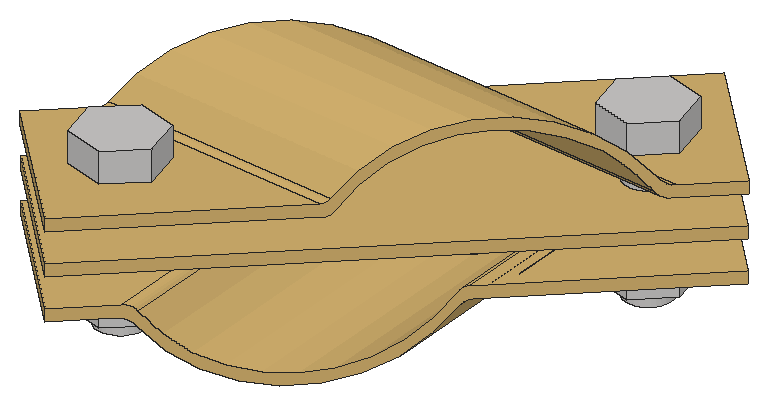
Revit family "DF_Крестовина_ЗажимДиагональный_Стержень_Стержень_EZETEK", category Соединительные детали воздуховодов, Revit 2017
Family settings
  Размер круглого соединителя = Использовать радиус
  Тип детали = Крестовина
  На основе рабочей плоскости = Нет
  Всегда вертикально = Да
  При загрузке вырезать с полостями = Нет
  Общий = Нет
Parameters (values of type "ЗажимДиагональный_Стержень-Стержень_Латунь_90531-1")
  Угол = 90.00°  # constant formula
  Тип = FA_ЗажимДиагональный_Стержень_Стержень_EZETEK : ЗажимДиагональный_Стержень-Стержень_Латунь_90531-1
  Смещение_Коннекторы [instance] = if(Графика_Сместить_ПоВертикали, 9.5 mm, 0 mm)  # 0 mm
  Описание = "Зажим используется для соединения стержня заземления со стержнем Т-образным способом. Он стягивается при помощи двух шестигранных болтов с гайками из нержавеющей стали с резьбой М8. Наличие разделительной пластины позволяет соединять при помощи зажима из латуни электрохимически слабосовместимые металлы."  # constant formula
  Группа модели = "Зажимы заземления"  # constant formula
  Графика_Сместить_ПоДлине [instance] = yes
  Графика_Сместить_ПоВертикали [instance] = no
  Производитель_Контакты = "ezetek@ezetek.ru"  # constant formula
  built-in parameter 1114242 [instance] = 1 = 0  # (empty or 0)
  Изготовитель = "Ezetek"  # constant formula
  URL = "https://ezetek.ru/"
  ADSK_Этаж [instance] = ""
  ADSK_Размер_Радиус [instance] = 10 mm
  ADSK_Примечание [instance] = "Неспецифицируемое"  # constant formula
  ADSK_Позиция [instance] = "Неспецифицируемое"  # constant formula
  ADSK_Обозначение = "Неспецифицируемое"  # constant formula
  ADSK_Наименование краткое [instance] = "Неспецифицируемое"  # constant formula
  ADSK_Наименование = "Неспецифицируемое"  # constant formula
  ADSK_Материал = BIMLIB_Латунь_EZETEK
  ADSK_Масса_Текст = "Неспецифицируемое"  # constant formula
  ADSK_Масса = 0.173  # constant formula
  ADSK_Марка = "Неспецифицируемое"  # constant formula
  ADSK_Количество = 0  # constant formula
  ADSK_Код изделия = "Неспецифицируемое"  # constant formula
  ADSK_Завод-изготовитель = "Неспецифицируемое"  # constant formula
  ADSK_Единица измерения = "Неспецифицируемое"  # constant formula
  ADSK_Группирование [instance] = ""
  ADSK_Версия Revit = "2017"  # constant formula
Types (2, lengths in mm): name | Тип | ADSK_Материал
  ЗажимДиагональный_Стержень-Стержень_Латунь_90531-1 | FA_ЗажимДиагональный_Стержень_Стержень_EZETEK : ЗажимДиагональный_Стержень-Стержень_Латунь_90531-1 | BIMLIB_Латунь_EZETEK
  ЗажимДиагональный_Стержень-Стержень_СтальОцинкованная_62825 | FA_ЗажимДиагональный_Стержень_Стержень_EZETEK : ЗажимДиагональный_Стержень-Стержень_СтальОцинкованная_62825 | BIMLIB_Сталь_Оцинкованная_EZETEK
Reference planes
  plane 1 "По центру (Вперед/Назад)": y = 0
  plane 2: z = 0
  plane 3 "По центру (Влево/Вправо)": x = 0
  plane 4 "1": through (13.5, -15, 1200) normal (-0.7433, -0.669, 0)
  plane 5 "M": y = 0
  plane 6 "U": z = 0
  plane 7 "L": z = 0
  plane 8: z = -9.5
  plane 9: x = 0
Lines and regions (mm)
  reference lines
    curve 1: line (-1, 0, 0) -> (1, 0, 0)
    curve 2: line (0, -1, 0) -> (0, 1, 0)
Dimensions and locks
  equal spacing: curve 1, plane 9, curve 1
  locked: curve 1 to curve 1 at 2
  equal spacing: curve 2, plane 5 "M", curve 2
  locked: curve 2 to curve 2 at 2
  "Смещение_Коннекторы": plane 6 "U" to plane 2 to plane 7 "L"
  aligned and locked: level to plane 2
  aligned and locked: plane 5 "M" to curve 1
  aligned and locked: curve 2 to plane 9
  aligned and locked: curve 1 to plane 6 "U"
Nested families
  nested 1: "FA_ЗажимДиагональный_Стержень_Стержень_EZETEK" at (0, 0, 0) x (0.7071, 0.7071, 0) z (0, 0, 1), type <- "Тип", ADSK_Этаж <- "ADSK_Этаж", ADSK_Группирование <- "ADSK_Группирование", type "ЗажимДиагональный_Стержень-Стержень_Латунь_90531-1", detail levels fine
    with Сместить стержни no, Использовать масштаб аннотаций 0, ADSK_Этаж "", ADSK_Примечание "", ADSK_Позиция "", ADSK_Наименование краткое "Зажим заземления", ADSK_Группирование ""
Connectors
  hvac at (-1, 0, 0), driven by "ADSK_Размер_Радиус"
    settings: on curve 1, index 1, duct flow 0.0 L/s, flow factor 0, pres drop 0.0 Pa, loss coef 0, conn angle 0.00°, conn width 304.8 mm, conn height 304.8 mm, conn diameter 20 mm, duct sys type 28, conn prof type 0, flow config 0, flow direction 0, loss method 0, conn ref index 2, conn util no, is conn primary yes, conn desc ""
  hvac at (1, 0, 0), driven by "ADSK_Размер_Радиус"
    settings: on curve 1, index 2, duct flow 0.0 L/s, flow factor 0, pres drop 0.0 Pa, loss coef 0, conn angle 0.00°, conn width 304.8 mm, conn height 304.8 mm, conn diameter 20 mm, duct sys type 28, conn prof type 0, flow config 0, flow direction 0, loss method 0, conn ref index 1, conn util no, is conn primary no, conn desc ""
  hvac at (0, -1, 0), driven by "ADSK_Размер_Радиус", driven by "Угол"
    settings: on curve 2, index 3, duct flow 0.0 L/s, flow factor 0, pres drop 0.0 Pa, loss coef 0, conn angle 90.00°, conn width 304.8 mm, conn height 304.8 mm, conn diameter 20 mm, duct sys type 28, conn prof type 0, flow config 0, flow direction 0, loss method 0, conn ref index 4, conn util no, is conn primary no, conn desc ""
  hvac at (0, 1, 0), driven by "ADSK_Размер_Радиус", driven by "Угол"
    settings: on curve 2, index 4, duct flow 0.0 L/s, flow factor 0, pres drop 0.0 Pa, loss coef 0, conn angle 90.00°, conn width 304.8 mm, conn height 304.8 mm, conn diameter 20 mm, duct sys type 28, conn prof type 0, flow config 0, flow direction 0, loss method 0, conn ref index 3, conn util no, is conn primary no, conn desc ""
Definition of nested family "FA_ЗажимДиагональный_Стержень_Стержень_EZETEK"
  Parameters (values of type "ЗажимДиагональный_Стержень-Стержень_СтальОцинкованная")
    Угол = 90.00°  # constant formula
    Сместить стержни [instance] = yes
    Производитель_Контакты = "ezetek@ezetek.ru"  # constant formula
    Использовать масштаб аннотаций [instance] = 1 = 0  # 0
    Manufacturer = "Ezetek"  # constant formula
    Model = "Зажимы заземления"  # constant formula
    URL = "https://ezetek.ru/"
    ADSK_Этаж [instance] = ""
    ADSK_Примечание [instance] = ""
    ADSK_Позиция [instance] = ""
    ADSK_Обозначение = "62825"
    ADSK_Наименование краткое [instance] = "Зажим заземления"
    ADSK_Наименование = "Зажим заземления стержень — стержень диагональный, оцинк."
    ADSK_Материал = none
    ADSK_Масса_Текст = "0.173"  # constant formula
    ADSK_Масса = 0.173  # constant formula
    ADSK_Марка = "62825"
    ADSK_Количество = 1  # constant formula
    ADSK_Код изделия = "62825"
    ADSK_Завод-изготовитель = "Ezetek"  # constant formula
    ADSK_Единица измерения = "шт."  # constant formula
    ADSK_Группирование [instance] = ""
    ADSK_Версия Revit = "2017"  # constant formula
  Types (2, lengths in mm): name | Сместить стержни | ADSK_Обозначение | ADSK_Наименование | ADSK_Марка | ADSK_Код изделия
    ЗажимДиагональный_Стержень-Стержень_Латунь | no | "90531-1" | "Зажим заземления стержень — стержень диагональный, латунь" | "90531-1" | "90531-1"
    ЗажимДиагональный_Стержень-Стержень_СтальОцинкованная | yes | "62825" | "Зажим заземления стержень — стержень диагональный, оцинк." | "62825" | "62825"
  Reference planes
    plane 1 "По центру (Вперед/Назад)": y = 0
    plane 2: z = 0
    plane 3 "По центру (Влево/Вправо)": x = 0
    plane 4: z = 1
    plane 5: z = -1
    plane 6: z = 8
    plane 7 "Up": z = 6
    plane 8: z = -6
    plane 9: z = -8
    plane 10: z = 13
    plane 11: z = -14.4
    plane 12: z = -17.11
    plane 13 "1": through (13.5, -15, 1200) normal (-0.7433, -0.669, 0)
    plane 14: z = 7
    plane 15: z = -7
    plane 16: z = 18.1
    plane 17: z = 20
    plane 18 "M": y = 0
    plane 19 "U": z = 9.5
    plane 20 "L": z = -9.5
    plane 21: z = -9.5
    plane 22: x = 0
    plane 23: z = -18.1
    plane 24: z = -20
  Forms (mm)
    Extrusion 1, solid, material <- "ADSK_Материал", detail levels fine
      sketch origin (0, 0, 0) x (1, 0, 0) y (0, 1, 0)
        loop
          line (-48, 15) -> (-48, -15) -> (48, -15) -> (48, 15) -> (-48, 15)
      from 1 to -1
    Extrusion 2, solid, detail levels fine
      sketch origin (0, 0, 0) x (1, 0, 0) y (0, 1, 0)
        loop
          line (-39.603, 6.24) -> (-43.205, 0) -> (-39.603, -6.24) -> (-32.397, -6.24) -> (-28.795, 0) -> (-32.397, 6.24) -> (-39.603, 6.24)
      from 13 to 8
    Extrusion 3, solid, detail levels fine
      sketch origin (72, 0, 0) x (1, 0, 0) y (0, 1, 0)
        loop
          line (-39.603, 6.24) -> (-43.205, 0) -> (-39.603, -6.24) -> (-32.397, -6.24) -> (-28.795, 0) -> (-32.397, 6.24) -> (-39.603, 6.24)
      from 13 to 8
    Extrusion 4, solid, detail levels fine
      sketch origin (0, 0, 0) x (1, 0, 0) y (0, 1, 0)
        loop
          line (-39.603, 6.24) -> (-43.205, 0) -> (-39.603, -6.24) -> (-32.397, -6.24) -> (-28.795, 0) -> (-32.397, 6.24) -> (-39.603, 6.24)
      from -8 to -14.4
    Extrusion 5, solid, detail levels fine
      sketch origin (72, 0, 0) x (1, 0, 0) y (0, 1, 0)
        loop
          line (-39.603, 6.24) -> (-43.205, 0) -> (-39.603, -6.24) -> (-32.397, -6.24) -> (-28.795, 0) -> (-32.397, 6.24) -> (-39.603, 6.24)
      from -8 to -14.4
    Extrusion 6, solid, detail levels fine
      sketch origin (0, 0, 0) x (1, 0, 0) y (0, 1, 0)
        loop
          circle (-36, 0) r 3.9
      from 8 to -17.11
    Extrusion 7, solid, detail levels fine
      sketch origin (72, 0, 0) x (1, 0, 0) y (0, 1, 0)
        loop
          circle (-36, 0) r 3.9
      from 8 to -17.11
    Blend 8, solid, material <- "ADSK_Материал", detail levels fine
      base sketch origin (0, 0, 0) x (1, 0, 0) y (0, 0, 1)
        loop
          arc (35.238, 7.114) -> (36.208, 6.294) -> (37.443, 6) r 2.739
          line (37.443, 6) -> (48, 6) -> (48, 8) -> (38.304, 8)
          arc (38.304, 8) -> (36.721, 8.363) -> (35.454, 9.379) r 3.635
          arc (35.454, 9.379) -> (13.073, 19.997) -> (-8.974, 8.701) r 28
          arc (-8.974, 8.701) -> (-9.588, 8.185) -> (-10.369, 8) r 1.738
          line (-10.369, 8) -> (-48, 8) -> (-48, 6) -> (-10.044, 6)
          arc (-10.044, 6) -> (-9.15, 6.216) -> (-8.454, 6.817) r 1.956
          arc (-8.454, 6.817) -> (13.316, 18.099) -> (35.238, 7.114) r 27
      top sketch origin (0, 0, 0) x (1, 0, 0) y (0, 0, 1)
        loop
          arc (8.454, 9.379) -> (-13.927, 19.997) -> (-35.974, 8.701) r 28
          arc (-35.974, 8.701) -> (-36.588, 8.185) -> (-37.369, 8) r 1.738
          line (-37.369, 8) -> (-48, 8) -> (-48, 6) -> (-37.044, 6)
          arc (-37.044, 6) -> (-36.15, 6.216) -> (-35.454, 6.817) r 1.956
          arc (-35.454, 6.817) -> (-13.684, 18.099) -> (8.238, 7.114) r 27
          arc (8.238, 7.114) -> (9.208, 6.294) -> (10.443, 6) r 2.739
          line (10.443, 6) -> (48, 6) -> (48, 8) -> (11.304, 8)
          arc (11.304, 8) -> (9.721, 8.363) -> (8.454, 9.379) r 3.635
      from 15 to -15
    Blend 9, solid, material <- "ADSK_Материал", detail levels fine
      base sketch origin (0, 0, 0) x (-1, 0, 0) y (0, 0, -1)
        loop
          arc (35.238, 7.114) -> (36.208, 6.294) -> (37.443, 6) r 2.739
          line (37.443, 6) -> (48, 6) -> (48, 8) -> (38.304, 8)
          arc (38.304, 8) -> (36.721, 8.363) -> (35.454, 9.379) r 3.635
          arc (35.454, 9.379) -> (13.073, 19.997) -> (-8.974, 8.701) r 28
          arc (-8.974, 8.701) -> (-9.588, 8.185) -> (-10.369, 8) r 1.738
          line (-10.369, 8) -> (-48, 8) -> (-48, 6) -> (-10.044, 6)
          arc (-10.044, 6) -> (-9.15, 6.216) -> (-8.454, 6.817) r 1.956
          arc (-8.454, 6.817) -> (13.316, 18.099) -> (35.238, 7.114) r 27
      top sketch origin (0, 0, 0) x (-1, 0, 0) y (0, 0, -1)
        loop
          arc (8.454, 9.379) -> (-13.927, 19.997) -> (-35.974, 8.701) r 28
          arc (-35.974, 8.701) -> (-36.588, 8.185) -> (-37.369, 8) r 1.738
          line (-37.369, 8) -> (-48, 8) -> (-48, 6) -> (-37.044, 6)
          arc (-37.044, 6) -> (-36.15, 6.216) -> (-35.454, 6.817) r 1.956
          arc (-35.454, 6.817) -> (-13.684, 18.099) -> (8.238, 7.114) r 27
          arc (8.238, 7.114) -> (9.208, 6.294) -> (10.443, 6) r 2.739
          line (10.443, 6) -> (48, 6) -> (48, 8) -> (11.304, 8)
          arc (11.304, 8) -> (9.721, 8.363) -> (8.454, 9.379) r 3.635
      from 15 to -15
  Dimensions and locks
    locked: plane 2 to plane 5 at 1
    locked: plane 4 to plane 2 at 1
    plane 4 to plane 5 = 2 mm
    locked: plane 6 to plane 7 "Up" at 2
    locked: plane 8 to plane 9 at 2
    locked: plane 10 to plane 6 at 5
    locked: plane 7 "Up" to plane 4 at 5
    locked: plane 5 to plane 8 at 5
    locked: plane 9 to plane 11 at 6.4
    locked: plane 11 to plane 12 at 2.71
    equal spacing: plane 6, plane 14, plane 7 "Up"
    equal spacing: plane 8, plane 15, plane 9
    locked: plane 16 to plane 14 at 11.1
    locked: plane 17 to plane 14 at 13
    aligned and locked: level to plane 2
    aligned and locked: Extrusion 1 to plane 5
    aligned and locked: plane 4 to Extrusion 1
    aligned and locked: plane 10 to Extrusion 2
    aligned and locked: Extrusion 2 to plane 6
    aligned and locked: Extrusion 4 to plane 11
    aligned and locked: plane 9 to Extrusion 4
    aligned and locked: plane 6 to Extrusion 6
    aligned and locked: Extrusion 6 to plane 12
    aligned and locked: Blend 8 sketch curve to plane 6  (x3)
    aligned and locked: plane 7 "Up" to Blend 8 sketch curve  (x4)
  Automatic sketch dimensions
    plane 1 "По центру (Вперед/Назад)" to Extrusion 1 sketch curve = 15 mm
    Extrusion 1 sketch curve to plane 3 "По центру (Влево/Вправо)" = 48 mm
    plane 3 "По центру (Влево/Вправо)" to Extrusion 1 sketch curve = 48 mm
    Extrusion 1 sketch curve to plane 1 "По центру (Вперед/Назад)" = 15 mm
    plane 1 "По центру (Вперед/Назад)" to Extrusion 2 sketch curve = 0 mm  (x2)
    Extrusion 2 sketch curve to plane 3 "По центру (Влево/Вправо)" = 43.205 mm
    Extrusion 2 sketch curve to plane 1 "По центру (Вперед/Назад)" = 6.24 mm
    Extrusion 2 sketch curve to Extrusion 2 sketch curve = 3.603 mm  (x3)
    plane 1 "По центру (Вперед/Назад)" to Extrusion 2 sketch curve = 6.24 mm
    Extrusion 2 sketch curve to Extrusion 2 sketch curve = 7.205 mm  (x2)
    plane 1 "По центру (Вперед/Назад)" to Extrusion 3 sketch curve = 0 mm  (x2)
    plane 3 "По центру (Влево/Вправо)" to Extrusion 3 sketch curve = 28.795 mm
    Extrusion 3 sketch curve to plane 1 "По центру (Вперед/Назад)" = 6.24 mm
    Extrusion 3 sketch curve to Extrusion 3 sketch curve = 3.603 mm  (x3)
    plane 1 "По центру (Вперед/Назад)" to Extrusion 3 sketch curve = 6.24 mm
    Extrusion 3 sketch curve to Extrusion 3 sketch curve = 7.205 mm  (x2)
    plane 1 "По центру (Вперед/Назад)" to Extrusion 6 sketch curve = 0 mm
    Extrusion 6 sketch curve to plane 3 "По центру (Влево/Вправо)" = 36 mm
    plane 1 "По центру (Вперед/Назад)" to Extrusion 7 sketch curve = 0 mm
    plane 3 "По центру (Влево/Вправо)" to Extrusion 7 sketch curve = 36 mm
    plane 1 "По центру (Вперед/Назад)" to Extrusion 4 sketch curve = 0 mm  (x2)
    Extrusion 4 sketch curve to plane 3 "По центру (Влево/Вправо)" = 43.205 mm
    Extrusion 4 sketch curve to plane 1 "По центру (Вперед/Назад)" = 6.24 mm
    Extrusion 4 sketch curve to Extrusion 4 sketch curve = 3.603 mm  (x3)
    plane 1 "По центру (Вперед/Назад)" to Extrusion 4 sketch curve = 6.24 mm
    Extrusion 4 sketch curve to Extrusion 4 sketch curve = 7.205 mm  (x2)
    plane 1 "По центру (Вперед/Назад)" to Extrusion 5 sketch curve = 0 mm  (x2)
    plane 3 "По центру (Влево/Вправо)" to Extrusion 5 sketch curve = 28.795 mm
    Extrusion 5 sketch curve to plane 1 "По центру (Вперед/Назад)" = 6.24 mm
    Extrusion 5 sketch curve to Extrusion 5 sketch curve = 3.603 mm  (x3)
    plane 1 "По центру (Вперед/Назад)" to Extrusion 5 sketch curve = 6.24 mm
    Extrusion 5 sketch curve to Extrusion 5 sketch curve = 7.205 mm  (x2)
    Blend 8 sketch curve to plane 6 = 0 mm
    Blend 8 sketch curve to plane 9 = 0 mm  (x2)
    Blend 8 sketch curve to plane 3 "По центру (Влево/Вправо)" = 48 mm  (x2)
    Blend 8 sketch curve to plane 3 "По центру (Влево/Вправо)" = 10.369 mm
    Blend 8 sketch curve to Blend 8 sketch curve = 0.324 mm  (x2)
    plane 3 "По центру (Влево/Вправо)" to Blend 8 sketch curve = 13.5 mm
    Blend 8 sketch curve to Blend 8 sketch curve = 0 mm  (x6)
    Blend 8 sketch curve to Blend 8 sketch curve = 23.943 mm
    Blend 8 sketch curve to plane 10 = 1.365 mm  (x2)
    Blend 8 sketch curve to Blend 8 sketch curve = 0.861 mm  (x2)
    Blend 8 sketch curve to Blend 8 sketch curve = 9.696 mm
    plane 20 "L" to Blend 8 sketch curve = 0.6 mm  (x2)
    Blend 8 sketch curve to plane 6 = 0.044 mm  (x2)
    plane 6 to Blend 8 sketch curve = 0.739 mm  (x2)
    plane 19 "U" to Blend 8 sketch curve = 0.238 mm  (x2)
    Blend 8 sketch curve to Blend 8 sketch curve = 10.631 mm
    Blend 8 sketch curve to plane 3 "По центру (Влево/Вправо)" = 13.5 mm
    plane 3 "По центру (Влево/Вправо)" to Blend 8 sketch curve = 10.443 mm
    Blend 8 sketch curve to Blend 8 sketch curve = 36.696 mm
    Blend 9 sketch curve to plane 8 = 0 mm  (x4)
    Blend 9 sketch curve to plane 9 = 0 mm  (x4)
    Blend 9 sketch curve to plane 6 = 0 mm  (x2)
    plane 3 "По центру (Влево/Вправо)" to Blend 9 sketch curve = 48 mm  (x2)
    plane 3 "По центру (Влево/Вправо)" to Blend 9 sketch curve = 10.369 mm
    Blend 9 sketch curve to Blend 9 sketch curve = 0.324 mm  (x2)
    Blend 9 sketch curve to plane 3 "По центру (Влево/Вправо)" = 13.5 mm
    Blend 9 sketch curve to Blend 9 sketch curve = 0 mm  (x6)
    Blend 9 sketch curve to Blend 9 sketch curve = 23.943 mm
    Blend 9 sketch curve to Blend 9 sketch curve = 0.861 mm  (x2)
    Blend 9 sketch curve to Blend 9 sketch curve = 9.696 mm
    Blend 9 sketch curve to plane 19 "U" = 0.6 mm  (x2)
    plane 9 to Blend 9 sketch curve = 0.044 mm  (x2)
    Blend 9 sketch curve to plane 9 = 0.739 mm  (x2)
    Blend 9 sketch curve to plane 20 "L" = 0.238 mm  (x2)
    Blend 9 sketch curve to plane 20 "L" = 2.135 mm  (x2)
    Blend 9 sketch curve to Blend 9 sketch curve = 10.631 mm
    plane 3 "По центру (Влево/Вправо)" to Blend 9 sketch curve = 13.5 mm
    Blend 9 sketch curve to plane 3 "По центру (Влево/Вправо)" = 10.443 mm
    Blend 9 sketch curve to Blend 9 sketch curve = 36.696 mm
    radius of Extrusion 6 sketch curve = 3.9 mm
    radius of Extrusion 7 sketch curve = 3.9 mm
